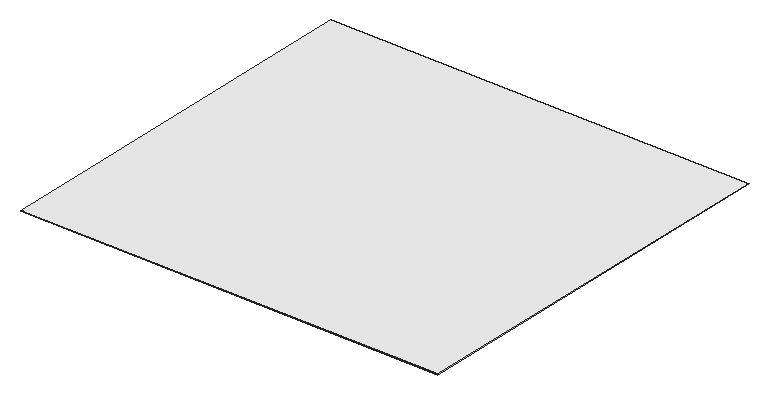
Revit family "GEN_Inner_Nested_Bay_template", category Generic Models, Revit 2025
Family settings
  Can host rebar = No
  Round Connector Dimension = Use Diameter
  Part Type = Normal
  Work Plane-Based = No
  Always vertical = Yes
  Cut with Voids When Loaded = No
  Maintain Annotation Orientation = No
  Shared = Yes
  Room Calculation Point = No
Parameters (values of type "Rectangle_Inner_Nested")
  Learning Link = ""
  HSL_drofus_room_func_no [instance] = ""
  HSL_WIDTH [instance] = 1880 mm
  HSL_ROOM_NUMBER [instance] = ""
  HSL_HEIGHT [instance] = 1574.089 mm
  HSL_DEPT_CODE [instance] = ""
  HSL_DEPTH [instance] = 1766.032 mm
  HSL_DEPARTMENT_2 [instance] = ""
  HSL_DEPARTMENT_1 [instance] = ""
  HSL_DEPARTMENT [instance] = ""
  HSL_CLIENT_REQ_AREA_DIFF_PERC [instance] = 0
  HSL_CLIENT_REQ_AREA_DIFF [instance] = 0.00 m²
  Default Elevation = 0 mm
Reference planes
  plane 1 "Center (Front/Back)": y = 0
  plane 2: z = 0
  plane 3 "Center (Left/Right)": x = 0
  plane 4: z = 1574.089
Forms (mm)
  Extrusion 1, solid, detail levels medium+fine
    sketch origin (0, 0, 0) x (1, 0, 0) y (0, 1, 0)
      loop
        line (-832.073, 775.089) -> (-832.073, -775.089) -> (832.073, -775.089) -> (832.073, 775.089) -> (-832.073, 775.089)
    from 0 to 1
Lines and regions (mm)
  model lines, style "InvisibleLines", detail levels medium+fine
    curve 1: line (0, 0, 0) -> (0, 0, 1574.089)
Dimensions and locks
  "HSL_HEIGHT": plane 4 to level
  aligned and locked: level to plane 2
  aligned and locked: plane 4 to curve 1
  aligned and locked: level to curve 1
  aligned and locked: plane 3 "Center (Left/Right)" to curve 1
Automatic sketch dimensions
  plane 3 "Center (Left/Right)" to Extrusion 1 sketch curve = 832.073 mm
  Extrusion 1 sketch curve to plane 1 "Center (Front/Back)" = 775.089 mm
  Extrusion 1 sketch curve to plane 3 "Center (Left/Right)" = 832.073 mm
  plane 1 "Center (Front/Back)" to Extrusion 1 sketch curve = 775.089 mm
